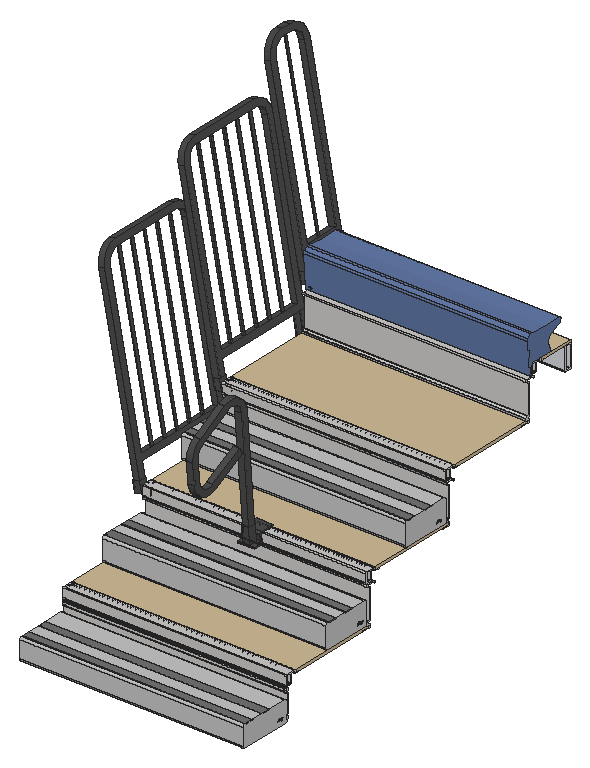
Revit family "Bleacher_Aisle-Telescopic-Hussey-MAXAM-Wall_Attached", category Specialty Equipment, Revit 2026
Family settings
  Round Connector Dimension = Use Diameter
  Part Type = Normal
  Classification Number = 23.40.50.34.14
  Work Plane-Based = No
  Enable Cutting in Views = No
  Always vertical = Yes
  Cut with Voids When Loaded = No
  Maintain Annotation Orientation = No
  Shared = No
  Room Calculation Point = No
Parameters (values of type "24" Row, 11 5/8" Rise")
  URL = "http://www.husseyseating.com/"
  Type Comments = "Bleacher Aisle Unit"  # constant formula
  Top Deck Height [instance] = if(Row Rise Constraint = 1, (Row Rise * Number of Tiers) + 0' 1", if(Row Rise Constraint = 2, (Row Rise * Number of Tiers) - 0' 1", Row Rise * Number of Tiers))  # 3' - 9 1/2"
  Tier Limitation Chart [instance] = "Contact Hussey Seating Company"  # constant formula
  Step Height = Row Rise / 2  # 0' - 5 13/16"
  Step Depth = Row Spacing / 2  # 1' - 0"
  Show in Stowed Position [instance] = not(Show in Open Position)  # no
  Show in Open Position [instance] = yes
  Show Front Aisle Step [instance] = Show in Open Position  # yes
  Show End Rails Right [instance] = no
  Show End Rails Left [instance] = yes
  Seat Type = Bleacher Seat : Courtside XC10
  Seat Color [instance] = Hussey - 301 Blue
  Row Spacing Note = "Do Not Change Row Spacing Constraint"  # constant formula
  Row Spacing Graphic Dimension [instance] = if(Show in Stowed Position, 0' 1", Row Spacing)  # 2' - 0"
  Row Spacing Constraint = 3
  Row Spacing = if(Row Spacing Constraint = 1, 1' 10", if(Row Spacing Constraint = 2, 1' 11", if(Row Spacing Constraint = 3, 2' 0", if(Row Spacing Constraint = 4, 2' 2", 0' 0"))))  # 2' - 0"
  Row Rise Note = "Do Not Change Row Rise Constraint"  # constant formula
  Row Rise Constraint = 2
  Row Rise = if(Row Rise Constraint = 1, 0' 9 5/8", if(Row Rise Constraint = 2, 0' 11 5/8", if(Row Rise Constraint = 3, 1' 4", 0' 0")))  # 0' - 11 5/8"
  Riser Material = Hussey - Galvanized Steel
  Product Page URL = "http://www.husseyseating.com/maxam-gym-bleachers/"
  Overall Unit Height [instance] = if(Row Rise Constraint = 1, (Row Rise * Number of Tiers) + 0' 7 1/2", if(Row Rise Constraint = 2, (Row Rise * Number of Tiers) + 0' 5 1/2", (Row Rise * Number of Tiers) + 0' 6 1/2"))  # 4' - 4"
  Overall Unit Depth [instance] = if(Show in Stowed Position, Closed Dimension, Open Dimension)  # 7' - 1 13/16"
  Open Dimension [instance] = if(Row Spacing Constraint = 1, Row Spacing * (Number of Tiers - 1) + 1' 3 13/16", if(Row Spacing Constraint = 2, Row Spacing * (Number of Tiers - 1) + 1' 2 13/16", if(Row Spacing Constraint = 3, Row Spacing * (Number of Tiers - 1) + 1' 1 13/16", Row Spacing * (Number of Tiers - 1) + 0' 11 13/16")))  # 7' - 1 13/16"
  Number of Tiers [instance] = 4
  Number of Operable Tiers [instance] = Number of Tiers - 1  # 3
  Number of Operable End Rails [instance] = Number of Operable Tiers - 1  # 2
  Number of Intermediate Steps [instance] = Number of Operable Tiers - 1  # 2
  Number of Handrails [instance] = (Number of Operable Tiers / 2) - 0.5  # 1
  Nose Beam Material = Hussey - Galvanized Steel
  Model = "MAXAM"
  Manufacturer Phone Number = "1.800.341.0401"  # constant formula
  Manufacturer Email Contact = "mailto:revit@husseyseating.com?Subject=Revit Inquiry"
  Manufacturer Address 1 = "38 Dyer Street Extension"  # constant formula
  Manufacturer Address  2 = "North Berwick, Maine 03906"  # constant formula
  Manufacturer = "Hussey Seating Company"  # constant formula
  Handrail Color = Hussey - Bleacher Rail Color
  Handrail Array Value [instance] = if(Number of Handrails < 2, 2, (Number of Operable Tiers / 2) - 0.5)  # 2
  Front Step Height [instance] = (Front Row Height - 0' 0 1/4") / 2  # 0' - 5 5/32"
  Front Step Depth = 1' - 1"  # constant formula
  Front Row Height [instance] = if(Row Rise = 1' 4", 1' 3 15/16", 0' 10 9/16")  # 0' - 10 9/16"
  Front Closure Material = Hussey - Galvanized Steel
  Front Closure Height [instance] = if(Show in Stowed Position, Front Row Height - 0' 4", Front Row Height - 0' 4")  # 0' - 6 9/16"
  Estimated Seat Count [instance] = 3  # constant formula
  End Rail Color = Hussey - Bleacher Rail Color
  Description = "MAXAM Telescopic Gym Bleacher Aisle - Wall Attached"
  Default Elevation = 0' - 0"
  Creator URL = "http://www.revituspro.com/"
  Created By = "Revitus"  # constant formula
  Courtside XC12 Note = "Not available for 22'' Row Spacing"  # constant formula
  Copyright Notice = " © Hussey Seating Co.  All Rights Reserved"  # constant formula
  Closed Dimension [instance] = if(Row Rise Constraint = 3, (Number of Tiers * 0' 0 1/2" + 3' 2"), (Number of Tiers * 0' 0 1/2") + 3' 3")  # 3' - 5"
  CSI MasterFormat = "12 66 00"
  Bleacher Deck Material = Hussey - Plywood - 001 Natural - Bleacher Decking
  Bank Length [instance] = 4' - 6"  # constant formula
  BIM Version = "v3.1"  # constant formula
  Assembly Code = "E1020900"
  Aisle Width Note = "Locked at 4'-6''"  # constant formula
  Aisle Step Material = Hussey - Bleacher Step
  Single Handrail [instance] = not(Multiple Handrails)  # yes
  Multiple Handrails [instance] = Number of Handrails > 1  # no
Reference planes (in)
  plane 1 "Center (Front/Back)": y = 5.09375
  plane 2: z = 0
  plane 3 "Center (Left/Right)": x = -93
  plane 4 "Left": x = -120
  plane 5 "Right": x = -66
  plane 6 "Back": y = 48
  plane 7 "Front": y = -37.8125
  plane 8: z = 10.5625
  plane 9: y = -13.8125
  plane 10: z = 22.1875
  plane 11: y = 36.125
  plane 12: y = 10.1875
  plane 13: z = 1
  plane 14 "Top Deck Height": z = 45.5
  plane 15 "End Rail Alignment - Left": through (-120, -180, 0) normal (-0.1908, 0, 0.9816)
  plane 16: z = 33.8125
  plane 17 "End Rail Alignment - Right": through (120, -180, 0) normal (-0.1908, 0, -0.9816)
  plane 18: y = -25.8125
  plane 19: y = -1.8125
  plane 20 "Second Handrail Riser": y = 34.1875
  plane 21 "Second Handrail Platform": z = 45.4375
Lines and regions (in)
  reference lines, visible <- "Show End Rails Left"
    curve 1: line (-132, 48, 0) -> (-132, -37.8125, 0)
  reference lines, visible <- "Show End Rails Right"
    curve 2: line (-54, 48, 0) -> (-54, -37.8125, 0)
Dimensions and locks (in)
  equal spacing: plane 4 "Left", plane 3 "Center (Left/Right)", plane 5 "Right"
  locked: plane 4 "Left" to plane 5 "Right" at 54
  equal spacing: plane 6 "Back", plane 1 "Center (Front/Back)", plane 7 "Front"
  "Overall Unit Depth": plane 6 "Back" to plane 7 "Front"
  "Row Spacing Graphic Dimension": plane 7 "Front" to plane 9
  locked: plane 11 to plane 6 "Back" at 11.875
  "Row Rise": plane 10 to plane 8
  "Front Row Height": plane 8 to level
  "Row Spacing Graphic Dimension": plane 9 to plane 12
  locked: plane 13 to level at 1
  equal spacing: group 1, group 2, group 3  (x3)
  "Top Deck Height": plane 14 "Top Deck Height" to level
  "Row Rise": plane 16 to plane 10
  group 4 to group 5 = 0' - 0"
  group 4 to group 5 = 2' - 0"
  group 4 to group 5 = 0' - 11 5/8"
  group 6 to group 7 = 0' - 0"
  group 6 to group 7 = 2' - 0"
  group 6 to group 7 = 0' - 11 5/8"
  locked: curve 1 to plane 4 "Left" at 12
  locked: plane 5 "Right" to curve 2 at 12
  "Step Depth": plane 7 "Front" to plane 18
  "Step Depth": plane 9 to plane 19
  group 8 to group 9 = 0' - 0"
  group 8 to group 9 = 2' - 0"
  group 8 to group 9 = 0' - 11 5/8"
  group 10 to group 11 = 0' - 0"
  group 10 to group 11 = 4' - 0"
  group 10 to group 11 = 1' - 11 1/4"
  "Row Rise": plane 21 "Second Handrail Platform" to plane 16
  "Row Spacing Graphic Dimension": plane 12 to plane 20 "Second Handrail Riser"
  aligned and locked: level to plane 2
  aligned and locked: plane 13 to nested 1
  aligned and locked: nested 1 to plane 7 "Front"
  aligned and locked: plane 4 "Left" to nested 1
  aligned and locked: nested 2 to plane 7 "Front"
  aligned and locked: plane 8 to nested 2
  aligned and locked: plane 4 "Left" to nested 2
  aligned and locked: nested 4 to plane 9
  aligned and locked: nested 4 to plane 10
  aligned and locked: plane 11 to nested 3
  aligned and locked: plane 14 "Top Deck Height" to nested 3
  aligned and locked: plane 4 "Left" to nested 3
  aligned and locked: plane 4 "Left" to nested 6
  aligned and locked: plane 11 to nested 6
  aligned and locked: nested 7 to plane 9
  aligned and locked: plane 4 "Left" to nested 7
  aligned and locked: plane 4 "Left" to nested 8
  aligned and locked: plane 11 to nested 8
  aligned and locked: nested 7 to plane 10
  aligned and locked: nested 8 to plane 14 "Top Deck Height"
  aligned and locked: nested 9 to plane 16
  aligned and locked: plane 12 to nested 9
  aligned and locked: plane 10 to nested 10
  aligned and locked: nested 10 to plane 5 "Right"
  aligned and locked: nested 10 to plane 9
  aligned and locked: nested 11 to plane 12
  aligned and locked: plane 16 to nested 11
  aligned and locked: nested 11 to plane 5 "Right"
  aligned and locked: nested 12 to plane 11
  aligned and locked: nested 12 to plane 5 "Right"
  aligned and locked: nested 6 to nested 12
  aligned and locked: plane 8 to nested 13
  aligned and locked: nested 13 to plane 18
  aligned and locked: plane 4 "Left" to nested 13
  aligned and locked: plane 4 "Left" to nested 14
  aligned and locked: level to nested 14
  aligned and locked: plane 7 "Front" to nested 14
  aligned and locked: nested 15 to plane 19
  aligned and locked: plane 10 to nested 15
  aligned and locked: plane 3 "Center (Left/Right)" to nested 16
  aligned and locked: plane 10 to nested 16
  aligned and locked: nested 16 to plane 9
  aligned and locked: plane 3 "Center (Left/Right)" to nested 18
  aligned and locked: plane 10 to nested 18
  aligned and locked: nested 18 to plane 9
  aligned and locked: plane 21 "Second Handrail Platform" to nested 17
  aligned and locked: plane 20 "Second Handrail Riser" to nested 17
Automatic sketch dimensions
  plane 7 "Front" to curve 2 = 0' - 0"
  curve 2 to plane 6 "Back" = 0' - 0"
  plane 7 "Front" to curve 1 = 0' - 0"
  curve 1 to plane 6 "Back" = 0' - 0"
Nested families (in)
  nested 1: "Bleacher-Front_Closure-Hussey" at (0, -25.8125, 1), Height <- "Front Closure Height", type "Bleacher-Front_Closure-Hussey"
    with Height 0' - 6 9/16", Bank Length 4' - 6"
  nested 2: "Bleacher_Tier-Hussey-MAXAM" at (0, -25.8125, 10.5625), type "Typical Operable Tier"
    with Bank Length 4' - 6"
  nested 3: "Bleacher_Tier-Hussey-MAXAM" at (0, 48.125, 45.5), type "Fixed Wall Tier"
    with Bank Length 4' - 6", Show Wall Plate yes, Show Riser no, Depth 0' - 11 1/8"
  nested 4: "Bleacher_Tier-Hussey-MAXAM" at (0, -1.8125, 22.1875), type "Typical Operable Tier"
    with Bank Length 4' - 6"
  nested 5: "Bleacher_Tier-Hussey-MAXAM" at (0, 22.1875, 33.8125), type "Typical Operable Tier"
    with Bank Length 4' - 6"
  nested 6: "Bleacher Seat" at (0, 48.125, 45.5), type <- "Seat Type", built-in parameter 1001364 <- "Top Deck Height", type "Courtside XC10"
    with Bank Length 4' - 6"
  nested 7: "Bleacher-End_Rail-Hussey-Self_Storing" at (-2.32744, -1.8125, 43.31432) x (0.9816, 0, 0.1908) z (-0.1908, 0, 0.9816), Depth <- "Row Spacing", visible <- "Show End Rails Left", type "Left End Rail"
    with Single Baluster no, Number of Balusters 5, Multiple Balusters yes, Depth 2' - 0", Baluster Spacing 0' - 4"
  nested 8: "Bleacher-End_Rail-Hussey-Self_Storing" at (-2.32744, 48.125, 66.62682) x (0.9816, 0, 0.1908) z (-0.1908, 0, 0.9816), visible <- "Show End Rails Left", type "Left End Rail"
    with Single Baluster yes, Number of Balusters 2, Multiple Balusters no, Depth 0' - 9 1/4", Baluster Spacing 0' - 4 3/8"
  nested 9: "Bleacher-End_Rail-Hussey-Self_Storing" at (-2.32744, 22.1875, 54.93932) x (0.9816, 0, 0.1908) z (-0.1908, 0, 0.9816), Depth <- "Row Spacing", visible <- "Show End Rails Left", type "Left End Rail"
    with Single Baluster no, Number of Balusters 5, Multiple Balusters yes, Depth 2' - 0", Baluster Spacing 0' - 4"
  nested 10: "Bleacher-End_Rail-Hussey-Self_Storing" at (53.39041, -1.8125, -2.76605) x (0.9816, 0, -0.1908) z (0.1908, 0, 0.9816), visible <- "Show End Rails Right", Depth <- "Row Spacing", type "Right End Rail"
    with Single Baluster no, Number of Balusters 5, Multiple Balusters yes, Depth 2' - 0", Baluster Spacing 0' - 4", Right End Rail yes, Left End Rail no
  nested 11: "Bleacher-End_Rail-Hussey-Self_Storing" at (53.39041, 22.1875, 8.85895) x (0.9816, 0, -0.1908) z (0.1908, 0, 0.9816), visible <- "Show End Rails Right", Depth <- "Row Spacing", type "Right End Rail"
    with Single Baluster no, Number of Balusters 5, Multiple Balusters yes, Depth 2' - 0", Baluster Spacing 0' - 4", Right End Rail yes, Left End Rail no
  nested 12: "Bleacher-End_Rail-Hussey-Self_Storing" at (53.39041, 48.125, 20.54645) x (0.9816, 0, -0.1908) z (0.1908, 0, 0.9816), visible <- "Show End Rails Right", type "Right End Rail"
    with Single Baluster yes, Number of Balusters 2, Multiple Balusters no, Depth 0' - 9 1/4", Baluster Spacing 0' - 4 3/8", Right End Rail yes, Left End Rail no
  nested 13: "Bleacher_Aisle_Step-Hussey-MAXAM" at (0, -13.8125, 10.5625), Step Depth <- "Step Depth", Step Height <- "Step Height", type "Typical Aisle Step"
    with Step Height 0' - 5 13/16", Step Depth 1' - 0", Show Front Aisle Step Feet no
  nested 14: "Bleacher_Aisle_Step-Hussey-MAXAM" at (0, -38.8125, 0.25), Step Depth <- "Front Step Depth", Step Height <- "Front Step Height", visible <- "Show Front Aisle Step", type "Typical Aisle Step"
    with Step Height 0' - 5 5/32", Step Depth 1' - 1", Show Front Aisle Step Feet yes
  nested 15: "Bleacher_Aisle_Step-Hussey-MAXAM" at (0, 10.1875, 22.1875), Step Depth <- "Step Depth", Step Height <- "Step Height", type "Typical Aisle Step"
    with Step Height 0' - 5 13/16", Step Depth 1' - 0", Show Front Aisle Step Feet no
  nested 16: "Bleacher-Aisle_Handrail-Hussey" at (27, -1.8125, 22.1875), Show in Open Position <- "Show in Open Position", visible <- "Multiple Handrails", type "MAXAM"
    with Show in Stowed Position no, Show in Open Position yes
  nested 17: "Bleacher-Aisle_Handrail-Hussey" at (27, 46.1875, 45.4375), Show in Open Position <- "Show in Open Position", visible <- "Multiple Handrails", type "MAXAM"
    with Show in Stowed Position no, Show in Open Position yes
  nested 18: "Bleacher-Aisle_Handrail-Hussey" at (27, -1.8125, 22.1875), visible <- "Single Handrail", Show in Open Position <- "Show in Open Position", type "MAXAM"
    with Show in Stowed Position no, Show in Open Position yes
Definition of nested family "Bleacher-Front_Closure-Hussey"
  Parameters
    URL = "http://www.husseyseating.com/"
    Model = ""
    Manufacturer = "Hussey Seating Company"  # constant formula
    Height [instance] = 0' - 6 5/8"
    Front Closure Material = none
    Description = "Front Closure Extrusion Under First Tier"
    Default Elevation = 0' - 0"
    Created By = "Revitus"  # constant formula
    Creator URL = "http://www.revituspro.com/"
    Bank Length [instance] = 20' - 0"
    Assembly Code = ""
  Reference planes (in)
    plane 1: z = 0
    plane 2 "Center (Left/Right)": x = 0
    plane 3 "Left": x = -120
    plane 4 "Right": x = 120
    plane 5 "Front": y = -12
    plane 6: z = 6.625
    plane 7: z = 6.53125
    plane 8: y = -11.90625
    plane 9: y = -11.59415
    plane 10: y = -11.5004
    plane 11: z = 6.125
    plane 12: z = 0.5
    plane 13: z = 0.09375
  Forms (in)
    Extrusion 1, solid, material <- "Front Closure Material"
      sketch origin (0, -12.09375, 9.751) x (0, 1, 0) y (0, 0, 1)
        loop
          arc (0.09375, -3.8615) -> (0.1114, -3.93365) -> (0.16038, -3.98949) r 0.15625
          line (0.16038, -3.98949) -> (0.47295, -4.20836)
          arc (0.47295, -4.20836) -> (0.49254, -4.23069) -> (0.4996, -4.25955) r 0.0625
          line (0.4996, -4.25955) -> (0.4996, -8.61745)
          arc (0.4996, -8.61745) -> (0.49254, -8.64631) -> (0.47295, -8.66864) r 0.0625
          line (0.47295, -8.66864) -> (0.16038, -8.88751)
          arc (0.16038, -8.88751) -> (0.1114, -8.94335) -> (0.09375, -9.0155) r 0.15625
          line (0.09375, -9.0155) -> (0.09375, -9.59475)
          arc (0.09375, -9.59475) -> (0.13951, -9.70524) -> (0.25, -9.751) r 0.15625
          line (0.25, -9.751) -> (0.4371, -9.751)
          arc (0.4371, -9.751) -> (0.54759, -9.70524) -> (0.59335, -9.59475) r 0.15625
          line (0.59335, -9.59475) -> (0.59335, -9.251) -> (0.4996, -9.251) -> (0.4996, -9.59475)
          arc (0.4996, -9.59475) -> (0.48129, -9.63894) -> (0.4371, -9.65725) r 0.0625
          line (0.4371, -9.65725) -> (0.25, -9.65725)
          arc (0.25, -9.65725) -> (0.20581, -9.63894) -> (0.1875, -9.59475) r 0.0625
          line (0.1875, -9.59475) -> (0.1875, -9.0155)
          arc (0.1875, -9.0155) -> (0.19456, -8.98664) -> (0.21415, -8.9643) r 0.0625
          line (0.21415, -8.9643) -> (0.52672, -8.74544)
          arc (0.52672, -8.74544) -> (0.5757, -8.68959) -> (0.59335, -8.61745) r 0.15625
          line (0.59335, -8.61745) -> (0.59335, -4.25955)
          arc (0.59335, -4.25955) -> (0.5757, -4.18741) -> (0.52672, -4.13156) r 0.15625
          line (0.52672, -4.13156) -> (0.21415, -3.9127)
          arc (0.21415, -3.9127) -> (0.19456, -3.89036) -> (0.1875, -3.8615) r 0.0625
          line (0.1875, -3.8615) -> (0.1875, -3.28225)
          arc (0.1875, -3.28225) -> (0.20581, -3.23806) -> (0.25, -3.21975) r 0.0625
          line (0.25, -3.21975) -> (0.4371, -3.21975)
          arc (0.4371, -3.21975) -> (0.48129, -3.23806) -> (0.4996, -3.28225) r 0.0625
          line (0.4996, -3.28225) -> (0.4996, -3.626) -> (0.59335, -3.626) -> (0.59335, -3.28225)
          arc (0.59335, -3.28225) -> (0.54759, -3.17176) -> (0.4371, -3.126) r 0.15625
          line (0.4371, -3.126) -> (0.25, -3.126)
          arc (0.25, -3.126) -> (0.13951, -3.17176) -> (0.09375, -3.28225) r 0.15625
          line (0.09375, -3.28225) -> (0.09375, -3.8615)
      from -120 to 120
  Dimensions and locks (in)
    "Bank Length": plane 3 "Left" to plane 4 "Right"
    equal spacing: plane 3 "Left", plane 2 "Center (Left/Right)", plane 4 "Right"
    "Height": plane 6 to level
    plane 5 "Front" to plane 8 to plane 9 to plane 10 = 0' - 0 3/32" locked, 0' - 0.3121" locked, 0' - 0 3/32" locked
    plane 6 to plane 7 to plane 11 = 0' - 0 3/32" locked, 0' - 0 13/32" locked
    plane 12 to plane 13 to level = 0' - 0 13/32" locked, 0' - 0 3/32" locked
    aligned and locked: plane 1 to level
    aligned and locked: Extrusion 1 to plane 3 "Left"
    aligned and locked: Extrusion 1 to plane 4 "Right"
    aligned and locked: plane 6 to Extrusion 1
  Automatic sketch dimensions
    Extrusion 1 sketch curve to Extrusion 1 sketch curve = 0' - 0"  (x16)
    Extrusion 1 sketch curve to plane 5 "Front" = 0' - 0"  (x2)
    Extrusion 1 sketch curve to plane 8 = 0' - 0"  (x2)
    Extrusion 1 sketch curve to level = 0' - 0"
    Extrusion 1 sketch curve to plane 6 = 0' - 0"
    Extrusion 1 sketch curve to plane 9 = 0' - 0"  (x3)
    Extrusion 1 sketch curve to plane 10 = 0' - 0"
    Extrusion 1 sketch curve to plane 12 = 0' - 0"
    Extrusion 1 sketch curve to plane 11 = 0' - 0"
    plane 8 to Extrusion 1 sketch curve = 0' - 0.02712"  (x2)
    Extrusion 1 sketch curve to plane 8 = 0' - 0.02665"  (x2)
    Extrusion 1 sketch curve to Extrusion 1 sketch curve = 0' - 0 1/16"  (x3)
    Extrusion 1 sketch curve to plane 8 = 0' - 0 1/16"  (x2)
    plane 9 to Extrusion 1 sketch curve = 0' - 0 1/16"  (x3)
    plane 9 to Extrusion 1 sketch curve = 0' - 0.02665"  (x2)
    Extrusion 1 sketch curve to plane 9 = 0' - 0.02712"  (x2)
    plane 12 to Extrusion 1 sketch curve = 0' - 0.2355"
    Extrusion 1 sketch curve to Extrusion 1 sketch curve = 0' - 0.21886"
    Extrusion 1 sketch curve to plane 11 = 0' - 0.63355"
    Extrusion 1 sketch curve to plane 11 = 0' - 0.36349"
Definition of nested family "Bleacher_Tier-Hussey-MAXAM"
  Parameters
    URL = "http://www.husseyseating.com/"
    Show Wall Plate = not(Show Riser)  # no
    Show Riser = yes
    Row Spacing = 2' - 0"
    Row Rise = 0' - 11 5/8"
    Riser Material = none
    Nose Beam Material = none
    Manufacturer = "Hussey Seating Company"  # constant formula
    Depth = if(Show Wall Plate, 0' 11 1/8", Row Spacing)  # 2' - 0"
    Default Elevation = 0' - 0"
    Decking Material = none
    Created By = "Revitus"  # constant formula
    Creator URL = "http://www.revituspro.com/"
    Bank Length [instance] = 20' - 0"
    Assembly Code = ""
  Reference planes (in)
    plane 1 "Center (Front/Back)": y = 0
    plane 2: z = 0
    plane 3 "Center (Left/Right)": x = 0
    plane 4 "Left": x = -120
    plane 5 "Right": x = 120
    plane 6 "Front": y = -12
    plane 7 "Row Spacing Back": y = 12
    plane 8: z = 11.625
    plane 9: z = -0.625
    plane 10: y = -9.25
    plane 11 "Face of Wall": y = 12.75
    plane 12: y = 13.03125
    plane 13: y = 13.125
    plane 14: z = -2.4375
    plane 15: y = -8.25
    plane 16: z = -0.09375
    plane 17: z = -0.1875
    plane 18: y = -10.5625
    plane 19: y = -10.65625
    plane 20: y = -11.90625
    plane 21: y = -9.34375
    plane 22: z = -0.71875
    plane 23: z = -2.34375
    plane 24: y = -9.4375
    plane 25: z = 8.75
    plane 26: z = 8.65625
    plane 27: z = 0.09375
    plane 28: y = 14.53125
    plane 29: y = 14.625
    plane 30: z = 8.25
    plane 31: y = 11.125
    plane 32 "Wall Plate - Front": y = 11
    plane 33: y = 12.625
    plane 34: z = -0.75
    plane 35: z = -6.125
    plane 36: z = -6.25
  Forms (in)
    Extrusion 1, solid, material <- "Decking Material"
      sketch origin (0, 0, 0) x (0, 1, 0) y (0, 0, 1)
        loop
          line (-9.25, 0) -> (-9.25, -0.625) -> (12.75, -0.625) -> (12.75, 0) -> (-9.25, 0)
      from -120 to 120
    Extrusion 2, solid, material <- "Nose Beam Material"
      sketch origin (0, 0, 0) x (0, 1, 0) y (0, 0, 1)
        loop
          arc (-11.8125, 0) -> (-11.94508, -0.05492) -> (-12, -0.1875) r 0.1875
          line (-12, -0.1875) -> (-12, -2.25)
          arc (-12, -2.25) -> (-11.94508, -2.38258) -> (-11.8125, -2.4375) r 0.1875
          line (-11.8125, -2.4375) -> (-10.75, -2.4375)
          arc (-10.75, -2.4375) -> (-10.61742, -2.38258) -> (-10.5625, -2.25) r 0.1875
          line (-10.5625, -2.25) -> (-10.5625, -0.28125)
          arc (-10.5625, -0.28125) -> (-10.53504, -0.21496) -> (-10.46875, -0.1875) r 0.09375
          line (-10.46875, -0.1875) -> (-9.4375, -0.1875) -> (-9.4375, -0.09375)
          arc (-9.4375, -0.09375) -> (-9.37121, -0.12121) -> (-9.34375, -0.1875) r 0.09375
          line (-9.34375, -0.1875) -> (-9.34375, -0.53125)
          arc (-9.34375, -0.53125) -> (-9.28883, -0.66383) -> (-9.15625, -0.71875) r 0.1875
          line (-9.15625, -0.71875) -> (-8.25, -0.71875) -> (-8.25, -0.625) -> (-9.15625, -0.625)
          arc (-9.15625, -0.625) -> (-9.22254, -0.59754) -> (-9.25, -0.53125) r 0.09375
          line (-9.25, -0.53125) -> (-9.25, -0.1875)
          arc (-9.25, -0.1875) -> (-9.30492, -0.05492) -> (-9.4375, 0) r 0.1875
          line (-9.4375, 0) -> (-11.8125, 0)
        loop
          arc (-11.8125, -0.09375) -> (-11.87879, -0.12121) -> (-11.90625, -0.1875) r 0.09375
          line (-11.90625, -0.1875) -> (-11.90625, -2.25)
          arc (-11.90625, -2.25) -> (-11.87879, -2.31629) -> (-11.8125, -2.34375) r 0.09375
          line (-11.8125, -2.34375) -> (-10.75, -2.34375)
          arc (-10.75, -2.34375) -> (-10.68371, -2.31629) -> (-10.65625, -2.25) r 0.09375
          line (-10.65625, -2.25) -> (-10.65625, -0.28125)
          arc (-10.65625, -0.28125) -> (-10.60133, -0.14867) -> (-10.46875, -0.09375) r 0.1875
          line (-10.46875, -0.09375) -> (-11.8125, -0.09375)
      from -120 to 120
    Extrusion 3, solid, material <- "Riser Material", visible <- "Show Riser"
      sketch origin (0, 0, 0) x (0, 1, 0) y (0, 0, 1)
        loop
          arc (12.43197, 8.75) -> (12.25086, 8.61103) -> (12.33822, 8.40012) r 0.1875
          line (12.33822, 8.40012) -> (12.98437, 8.02706)
          arc (12.98437, 8.02706) -> (13.01869, 7.99275) -> (13.03125, 7.94587) r 0.09375
          line (13.03125, 7.94587) -> (13.03125, 0.80413)
          arc (13.03125, 0.80413) -> (13.01869, 0.75725) -> (12.98437, 0.72294) r 0.09375
          line (12.98437, 0.72294) -> (12.33822, 0.34988)
          arc (12.33822, 0.34988) -> (12.25086, 0.13897) -> (12.43197, 0) r 0.1875
          line (12.43197, 0) -> (12.9375, 0)
          arc (12.9375, 0) -> (13.00379, -0.02746) -> (13.03125, -0.09375) r 0.09375
          line (13.03125, -0.09375) -> (13.03125, -0.53125)
          arc (13.03125, -0.53125) -> (13.00379, -0.59754) -> (12.9375, -0.625) r 0.09375
          line (12.9375, -0.625) -> (11.125, -0.625) -> (11.125, -0.71875) -> (12.9375, -0.71875)
          arc (12.9375, -0.71875) -> (13.07008, -0.66383) -> (13.125, -0.53125) r 0.1875
          line (13.125, -0.53125) -> (13.125, -0.09375)
          arc (13.125, -0.09375) -> (13.07008, 0.03883) -> (12.9375, 0.09375) r 0.1875
          line (12.9375, 0.09375) -> (12.43197, 0.09375)
          arc (12.43197, 0.09375) -> (12.34142, 0.16324) -> (12.3851, 0.26869) r 0.09375
          line (12.3851, 0.26869) -> (13.03125, 0.64175)
          arc (13.03125, 0.64175) -> (13.09988, 0.71038) -> (13.125, 0.80413) r 0.1875
          line (13.125, 0.80413) -> (13.125, 7.94587)
          arc (13.125, 7.94587) -> (13.09988, 8.03962) -> (13.03125, 8.10825) r 0.1875
          line (13.03125, 8.10825) -> (12.3851, 8.48131)
          arc (12.3851, 8.48131) -> (12.34142, 8.58676) -> (12.43197, 8.65625) r 0.09375
          line (12.43197, 8.65625) -> (14.4375, 8.65625)
          arc (14.4375, 8.65625) -> (14.50379, 8.62879) -> (14.53125, 8.5625) r 0.09375
          line (14.53125, 8.5625) -> (14.53125, 8.25) -> (14.625, 8.25) -> (14.625, 8.5625)
          arc (14.625, 8.5625) -> (14.57008, 8.69508) -> (14.4375, 8.75) r 0.1875
          line (14.4375, 8.75) -> (12.43197, 8.75)
      from -120 to 120
    Extrusion 4, solid, visible <- "Show Wall Plate"
      sketch origin (0, 0, 0) x (0, 1, 0) y (0, 0, 1)
        loop
          arc (11, -6) -> (11.07322, -6.17678) -> (11.25, -6.25) r 0.25
          line (11.25, -6.25) -> (12.5, -6.25)
          arc (12.5, -6.25) -> (12.67678, -6.17678) -> (12.75, -6) r 0.25
          line (12.75, -6) -> (12.75, -0.875)
          arc (12.75, -0.875) -> (12.67678, -0.69822) -> (12.5, -0.625) r 0.25
          line (12.5, -0.625) -> (11.25, -0.625)
          arc (11.25, -0.625) -> (11.07322, -0.69822) -> (11, -0.875) r 0.25
          line (11, -0.875) -> (11, -6)
        loop
          arc (11.125, -6) -> (11.16161, -6.08839) -> (11.25, -6.125) r 0.125
          line (11.25, -6.125) -> (12.5, -6.125)
          arc (12.5, -6.125) -> (12.58839, -6.08839) -> (12.625, -6) r 0.125
          line (12.625, -6) -> (12.625, -0.875)
          arc (12.625, -0.875) -> (12.58839, -0.78661) -> (12.5, -0.75) r 0.125
          line (12.5, -0.75) -> (11.25, -0.75)
          arc (11.25, -0.75) -> (11.16161, -0.78661) -> (11.125, -0.875) r 0.125
          line (11.125, -0.875) -> (11.125, -6)
      from -120 to 120
  Dimensions and locks (in)
    "Bank Length": plane 4 "Left" to plane 5 "Right"
    equal spacing: plane 4 "Left", plane 3 "Center (Left/Right)", plane 5 "Right"
    equal spacing: plane 6 "Front", plane 1 "Center (Front/Back)", plane 7 "Row Spacing Back"
    "Depth": plane 7 "Row Spacing Back" to plane 6 "Front"
    "Row Rise": plane 8 to level
    plane 6 "Front" to plane 10 to plane 15 = 0' - 2 3/4" locked, 0' - 1" locked
    plane 7 "Row Spacing Back" to plane 11 "Face of Wall" to plane 12 to plane 13 = 0' - 0 3/4" locked, 0' - 0 9/32" locked, 0' - 0 3/32" locked
    level to plane 9 to plane 14 = 0' - 0 5/8" locked, 0' - 1 13/16" locked
    level to plane 16 to plane 17 = 0' - 0 3/32" locked, 0' - 0 3/32" locked
    plane 6 "Front" to plane 20 to plane 19 to plane 18 = 0' - 0 3/32" locked, 0' - 1 1/4" locked, 0' - 0 3/32" locked
    plane 24 to plane 21 to plane 10 = 0' - 0 3/32" locked, 0' - 0 3/32" locked
    locked: plane 9 to plane 22 at 0.09375
    locked: plane 23 to plane 14 at 0.09375
    plane 8 to plane 25 to plane 26 = 0' - 2 7/8" locked, 0' - 0 3/32" locked
    locked: plane 27 to level at 0.09375
    plane 12 to plane 28 to plane 29 = 0' - 1 1/2" locked, 0' - 0 3/32" locked
    locked: plane 25 to plane 30 at 0.5
    plane 9 to plane 34 to plane 35 to plane 36 = 0' - 0 1/8" locked, 0' - 5 3/8" locked, 0' - 0 1/8" locked
    plane 32 "Wall Plate - Front" to plane 31 to plane 33 to plane 11 "Face of Wall" = 0' - 0 1/8" locked, 0' - 1 1/2" locked, 0' - 0 1/8" locked
    aligned and locked: plane 2 to level
    aligned and locked: Extrusion 1 sketch curve to level
    aligned and locked: Extrusion 1 sketch curve to plane 10
    aligned and locked: Extrusion 1 sketch curve to plane 9
    aligned and locked: Extrusion 1 sketch curve to plane 11 "Face of Wall"
    aligned and locked: Extrusion 1 to plane 4 "Left"
    aligned and locked: Extrusion 1 to plane 5 "Right"
    aligned and locked: Extrusion 2 sketch curve to level
    aligned and locked: Extrusion 2 sketch curve to plane 16
    aligned and locked: Extrusion 2 sketch curve to plane 17
    aligned and locked: Extrusion 2 sketch curve to plane 6 "Front"
    aligned and locked: plane 20 to Extrusion 2 sketch curve
    aligned and locked: plane 19 to Extrusion 2 sketch curve
    aligned and locked: plane 18 to Extrusion 2 sketch curve
    aligned and locked: plane 21 to Extrusion 2 sketch curve
    aligned and locked: Extrusion 2 sketch curve to plane 10
    aligned and locked: Extrusion 2 sketch curve to plane 15
    aligned and locked: Extrusion 2 sketch curve to plane 23
    aligned and locked: Extrusion 2 sketch curve to plane 14
    aligned and locked: Extrusion 2 sketch curve to plane 9
    aligned and locked: Extrusion 2 sketch curve to plane 22
    aligned and locked: plane 24 to Extrusion 2 sketch curve
    aligned and locked: Extrusion 2 to plane 4 "Left"
    aligned and locked: Extrusion 2 to plane 5 "Right"
    aligned and locked: Extrusion 3 sketch curve to plane 25
    aligned and locked: Extrusion 3 sketch curve to plane 26
    aligned and locked: Extrusion 3 sketch curve to plane 13
    aligned and locked: Extrusion 3 sketch curve to plane 12
    aligned and locked: Extrusion 3 sketch curve to plane 29
    aligned and locked: Extrusion 3 sketch curve to plane 28
    aligned and locked: plane 22 to Extrusion 3 sketch curve
    aligned and locked: Extrusion 3 sketch curve to plane 9
    aligned and locked: Extrusion 3 sketch curve to level
    aligned and locked: Extrusion 3 sketch curve to plane 27
    aligned and locked: Extrusion 3 sketch curve to plane 30
    aligned and locked: plane 31 to Extrusion 3 sketch curve
    aligned and locked: Extrusion 3 to plane 4 "Left"
    aligned and locked: Extrusion 3 to plane 5 "Right"
    aligned and locked: Extrusion 4 sketch curve to plane 32 "Wall Plate - Front"
    aligned and locked: Extrusion 4 sketch curve to plane 31
    aligned and locked: Extrusion 4 sketch curve to plane 36
    aligned and locked: Extrusion 4 sketch curve to plane 35
    aligned and locked: Extrusion 4 sketch curve to plane 33
    aligned and locked: Extrusion 4 sketch curve to plane 11 "Face of Wall"
    aligned and locked: Extrusion 4 sketch curve to plane 34
    aligned and locked: Extrusion 4 sketch curve to plane 9
    aligned and locked: Extrusion 4 to plane 4 "Left"
    aligned and locked: Extrusion 4 to plane 5 "Right"
  Automatic sketch dimensions
    Extrusion 2 sketch curve to Extrusion 2 sketch curve = 0' - 0"  (x8)
    Extrusion 2 sketch curve to plane 17 = 0' - 0"
    Extrusion 2 sketch curve to plane 16 = 0' - 0"
    plane 20 to Extrusion 2 sketch curve = 0' - 0 3/32"
    Extrusion 2 sketch curve to Extrusion 2 sketch curve = 0' - 0 3/32"
    Extrusion 2 sketch curve to plane 17 = 0' - 0 3/32"
    Extrusion 2 sketch curve to plane 10 = 0' - 0 3/32"
    Extrusion 3 sketch curve to Extrusion 3 sketch curve = 0' - 0"  (x11)
    Extrusion 3 sketch curve to plane 12 = 0' - 0"  (x3)
    Extrusion 3 sketch curve to plane 13 = 0' - 0"
    plane 16 to Extrusion 3 sketch curve = 0' - 0"
    plane 12 to Extrusion 3 sketch curve = 0' - 0 3/32"  (x3)
    plane 11 "Face of Wall" to Extrusion 3 sketch curve = 0' - 0.31803"  (x2)
    Extrusion 3 sketch curve to Extrusion 3 sketch curve = 0' - 0 3/64"  (x4)
    plane 12 to Extrusion 3 sketch curve = 0' - 0 3/64"  (x2)
    Extrusion 3 sketch curve to Extrusion 3 sketch curve = 0' - 0 3/32"
    plane 27 to Extrusion 3 sketch curve = 0' - 0 3/32"
    plane 27 to Extrusion 3 sketch curve = 0' - 0.548"
    Extrusion 3 sketch curve to plane 26 = 0' - 0.71038"
    Extrusion 3 sketch curve to plane 26 = 0' - 0.25613"
    Extrusion 4 sketch curve to Extrusion 4 sketch curve = 0' - 0"  (x4)
    Extrusion 4 sketch curve to plane 31 = 0' - 0 1/8"  (x2)
    plane 33 to Extrusion 4 sketch curve = 0' - 0 1/8"  (x2)
Definition of nested family "Bleacher Seat"
  Parameters
    URL = "http://www.husseyseating.com/"
    Show XC12 = no
    Show XC10 = yes
    Show Classic Wood Seat = no
    Seat Color = none
    Model = "CourtSide XC10"
    Manufacturer = "Hussey Seating Company"  # constant formula
    Default Elevation = 0' - 0"
    Created By = "Revitus"  # constant formula
    Creator URL = "http://www.revituspro.com/"
    Bank Length [instance] = 20' - 0"
    Assembly Code = ""
  Reference planes (in)
    plane 1: z = 0
    plane 2 "Center (Left/Right)": x = 0
    plane 3 "Left": x = -120
    plane 4 "Right": x = 120
    plane 5 "Front": y = -12
    plane 6 "Host Level Offset Bottom": z = -8
    plane 7 "Host Level Offset Top": z = 8
  Forms (in)
    Extrusion 1, solid, material <- "Seat Color", visible <- "Show XC10"
      sketch origin (0, 0, 0) x (0, 1, 0) y (0, 0, 1)
        loop
          line (-11.8125, 0) -> (-6.27222, 0) -> (-6.97372, 2.36822)
          arc (-6.97372, 2.36822) -> (-6.9994, 2.46728) -> (-7.01998, 2.56753) r 2
          arc (-7.01998, 2.56753) -> (-6.96581, 3.00687) -> (-6.67332, 3.33914) r 0.75
          line (-6.67332, 3.33914) -> (-4.24513, 4.82586)
          arc (-4.24513, 4.82586) -> (-3.94252, 4.96751) -> (-3.61606, 5.03866) r 1.5
          arc (-3.61606, 5.03866) -> (-3.47664, 5.05337) -> (-3.33728, 5.06869) r 32.21588
          arc (-3.33728, 5.06869) -> (-3.31572, 5.08178) -> (-3.31176, 5.10668) r 0.03
          line (-3.31176, 5.10668) -> (-3.46714, 5.64853)
          arc (-3.46714, 5.64853) -> (-3.46045, 5.70866) -> (-3.41358, 5.74692) r 0.08
          arc (-3.41358, 5.74692) -> (-3.28838, 5.81194) -> (-3.23332, 5.94182) r 0.2083
          line (-3.23332, 5.94182) -> (-3.23332, 6.00281)
          arc (-3.23332, 6.00281) -> (-3.33303, 6.22615) -> (-3.56588, 6.30102) r 0.29999
          arc (-3.56588, 6.30102) -> (-7.6105, 6.12553) -> (-11.64345, 6.47919) r 30.96588
          arc (-11.64345, 6.47919) -> (-11.88356, 6.484) -> (-12.11945, 6.43895) r 1.1526
          arc (-12.11945, 6.43895) -> (-12.59256, 6.21492) -> (-12.97892, 5.86171) r 1.76109
          arc (-12.97892, 5.86171) -> (-13.19235, 5.56913) -> (-13.23339, 5.20932) r 0.7088
          arc (-13.23339, 5.20932) -> (-13.02864, 1.37672) -> (-12.60147, -2.4375) r 66
          line (-12.60147, -2.4375) -> (-12, -2.4375) -> (-12, -0.1875)
          arc (-12, -0.1875) -> (-11.94508, -0.05492) -> (-11.8125, 0) r 0.1875
      from -120 to 120
    Extrusion 2, solid, material <- "Seat Color", visible <- "Show Classic Wood Seat"
      sketch origin (0, 0, 0) x (0, 1, 0) y (0, 0, 1)
        loop
          line (-12, 5.4375) -> (-12.75, 5.4375) -> (-12.75, -2.22535)
          arc (-12.75, -2.22535) -> (-12.375, -2.4375) -> (-12, -2.22535) r 0.4375
          line (-12, -2.22535) -> (-12, 5.4375)
        loop
          line (-4.18696, 6.02394) -> (-12.75906, 6.27231)
          arc (-12.75906, 6.27231) -> (-12.98199, 5.90361) -> (-12.78078, 5.52262) r 0.4375
          line (-12.78078, 5.52262) -> (-4.20869, 5.27426)
          arc (-4.20869, 5.27426) -> (-3.98576, 5.64296) -> (-4.18696, 6.02394) r 0.4375
      from -120 to 120
    Extrusion 3, solid, material <- "Seat Color", visible <- "Show XC12"
      sketch origin (0, 0, 0) x (0, 1, 0) y (0, 0, 1)
        loop
          line (-11.8125, 0) -> (-4.66697, 0) -> (-5.65002, 3.11784) -> (-1.62017, 5.26175)
          arc (-1.62017, 5.26175) -> (-1.56901, 5.25756) -> (-1.51779, 5.26091) r 0.35
          arc (-1.51779, 5.26091) -> (-1.38738, 5.32486) -> (-1.33463, 5.4602) r 0.2
          line (-1.33463, 5.4602) -> (-1.33463, 5.72823)
          arc (-1.33463, 5.72823) -> (-1.45521, 6.05387) -> (-1.75878, 6.22245) r 0.5
          line (-1.75878, 6.22245) -> (-3.66896, 6.46462) -> (-5.71322, 6.46637)
          arc (-5.71322, 6.46637) -> (-8.17496, 6.47218) -> (-10.63266, 6.61324) r 44.78937
          arc (-10.63266, 6.61324) -> (-11.73081, 6.45288) -> (-12.59544, 5.75714) r 2.10864
          line (-12.59544, 5.75714) -> (-13.21576, 4.92083)
          arc (-13.21576, 4.92083) -> (-13.3805, 4.53599) -> (-13.43565, 4.12101) r 1.54192
          arc (-13.43565, 4.12101) -> (-13.30757, 0.72964) -> (-12.72588, -2.61393) r 25.25144
          line (-12.72588, -2.61393) -> (-12, -2.61395) -> (-12, -0.1875)
          arc (-12, -0.1875) -> (-11.94508, -0.05492) -> (-11.8125, 0) r 0.1875
      from -120 to 120
    Extrusion 4, solid, visible <- "Show Classic Wood Seat"
      sketch origin (0, 0, 0) x (0, 1, 0) y (0, 0, 1)
        loop
          line (-11.63037, 0) -> (-7, 0) -> (-7, 0.1196) -> (-7.86588, 0.1196) -> (-11.6304, 0.1196)
          arc (-11.6304, 0.1196) -> (-11.80718, 0.19282) -> (-11.8804, 0.3696) r 0.25
          line (-11.8804, 0.3696) -> (-11.8804, 0.5) -> (-11.8804, 4.25) -> (-11.8804, 4.375) -> (-11.8804, 5.11954)
          arc (-11.8804, 5.11954) -> (-11.8046, 5.29885) -> (-11.62316, 5.36943) r 0.25
          line (-11.62316, 5.36943) -> (-6.24255, 5.21354) -> (-4.38166, 5.15962) -> (-4.25671, 5.156) -> (-4.25325, 5.27555) -> (-11.6197, 5.48898)
          arc (-11.6197, 5.48898) -> (-11.88793, 5.38464) -> (-12, 5.11954) r 0.3696
          line (-12, 5.11954) -> (-12, 0.375)
          arc (-12, 0.375) -> (-11.89364, 0.11017) -> (-11.63037, 0) r 0.36967
      from -120 to 120
  Dimensions and locks (in)
    "Bank Length": plane 3 "Left" to plane 4 "Right"
    equal spacing: plane 3 "Left", plane 2 "Center (Left/Right)", plane 4 "Right"
    aligned and locked: plane 1 to level
    aligned and locked: Extrusion 1 sketch curve to level
    aligned and locked: Extrusion 1 sketch curve to plane 5 "Front"
    aligned and locked: Extrusion 1 to plane 3 "Left"
    aligned and locked: Extrusion 1 to plane 4 "Right"
    aligned and locked: Extrusion 2 to plane 3 "Left"
    aligned and locked: Extrusion 2 to plane 4 "Right"
    aligned and locked: Extrusion 3 to plane 3 "Left"
    aligned and locked: Extrusion 3 to plane 4 "Right"
    aligned and locked: Extrusion 4 to plane 4 "Right"
    aligned and locked: Extrusion 4 to plane 3 "Left"
  Automatic sketch dimensions
    Extrusion 1 sketch curve to Extrusion 1 sketch curve = 0' - 0"  (x7)
    Extrusion 1 sketch curve to plane 5 "Front" = 0' - 0.11945"
    Extrusion 1 sketch curve to plane 5 "Front" = 0' - 0.532"
    Extrusion 1 sketch curve to Extrusion 1 sketch curve = 0' - 0.60147"
    Extrusion 1 sketch curve to Extrusion 1 sketch curve = 0' - 0.44692"
    Extrusion 1 sketch curve to Extrusion 1 sketch curve = 0' - 0.25447"
    plane 5 "Front" to Extrusion 1 sketch curve = 0' - 0 3/16"
    plane 5 "Front" to Extrusion 1 sketch curve = 0' - 0.21354"
    plane 5 "Front" to Extrusion 1 sketch curve = 0' - 0.35655"
    plane 5 "Front" to Extrusion 1 sketch curve = 0' - 0.38933"
    Extrusion 1 sketch curve to Extrusion 1 sketch curve = 0' - 5.54028"
    level to Extrusion 1 sketch curve = 0' - 2.36822"
    Extrusion 1 sketch curve to Extrusion 1 sketch curve = 0' - 0.04626"
    plane 5 "Front" to Extrusion 1 sketch curve = 0' - 5.07235"
    Extrusion 1 sketch curve to Extrusion 1 sketch curve = 0' - 0.34667"
    Extrusion 1 sketch curve to Extrusion 1 sketch curve = 0' - 0 189/256"
    Extrusion 1 sketch curve to Extrusion 1 sketch curve = 0' - 0.7015"
    Extrusion 1 sketch curve to Extrusion 1 sketch curve = 0' - 1.23049"
    Extrusion 1 sketch curve to Extrusion 1 sketch curve = 0' - 0.80607"
    Extrusion 1 sketch curve to Extrusion 1 sketch curve = 0' - 0.62907"
    Extrusion 1 sketch curve to Extrusion 1 sketch curve = 0' - 0.05018"
    Extrusion 1 sketch curve to Extrusion 1 sketch curve = 0' - 0.03257"
    Extrusion 1 sketch curve to Extrusion 1 sketch curve = 0' - 0.06618"
    Extrusion 1 sketch curve to Extrusion 1 sketch curve = 0' - 0.78326"
    Extrusion 1 sketch curve to Extrusion 1 sketch curve = 0' - 0.09201"
    Extrusion 1 sketch curve to Extrusion 1 sketch curve = 0' - 0.05356"
    Extrusion 1 sketch curve to Extrusion 1 sketch curve = 0' - 0.02339"
    Extrusion 1 sketch curve to Extrusion 1 sketch curve = 0' - 0.27543"
    Extrusion 1 sketch curve to Extrusion 1 sketch curve = 0' - 0.00334"
    level to Extrusion 1 sketch curve = 0' - 5.10668"
    Extrusion 1 sketch curve to Extrusion 1 sketch curve = 0' - 0.02886"
    Extrusion 1 sketch curve to Extrusion 1 sketch curve = 0' - 0.20798"
    level to Extrusion 1 sketch curve = 0' - 6.81231"
    Extrusion 1 sketch curve to Extrusion 1 sketch curve = 4' - 7 251/256"
    Extrusion 1 sketch curve to Extrusion 1 sketch curve = 0' - 2 1/4"
    Extrusion 1 sketch curve to Extrusion 1 sketch curve = 0' - 1.56008"
    Extrusion 1 sketch curve to Extrusion 1 sketch curve = 0' - 0.45636"
    Extrusion 1 sketch curve to Extrusion 1 sketch curve = 0' - 0.35428"
    Extrusion 1 sketch curve to Extrusion 1 sketch curve = 0' - 0.02189"
    Extrusion 1 sketch curve to Extrusion 1 sketch curve = 0' - 0.06098"
    Extrusion 1 sketch curve to Extrusion 1 sketch curve = 0' - 0.19931"
    Extrusion 2 sketch curve to plane 5 "Front" = 0' - 0"
    Extrusion 2 sketch curve to plane 5 "Front" = 0' - 0 3/8"
    Extrusion 2 sketch curve to plane 5 "Front" = 0' - 0.54467"
    Extrusion 2 sketch curve to Extrusion 2 sketch curve = 0' - 0 3/8"
    Extrusion 2 sketch curve to Extrusion 2 sketch curve = 0' - 0.21439"  (x2)
    Extrusion 2 sketch curve to Extrusion 2 sketch curve = 0' - 0.03078"
    plane 7 "Host Level Offset Top" to Extrusion 2 sketch curve = 0' - 2.34437"
    plane 5 "Front" to Extrusion 2 sketch curve = 0' - 7.57692"
    plane 7 "Host Level Offset Top" to Extrusion 2 sketch curve = 0' - 2.72574"
    plane 7 "Host Level Offset Top" to Extrusion 2 sketch curve = 0' - 1.97606"
    Extrusion 2 sketch curve to level = 0' - 2"
    Extrusion 2 sketch curve to Extrusion 2 sketch curve = 0' - 0.22535"
    plane 7 "Host Level Offset Top" to Extrusion 2 sketch curve = 0' - 2 9/16"
    Extrusion 2 sketch curve to Extrusion 2 sketch curve = 0' - 0.08512"
    Extrusion 2 sketch curve to Extrusion 2 sketch curve = 0' - 0.36832"
    Extrusion 3 sketch curve to plane 5 "Front" = 0' - 0"
    Extrusion 3 sketch curve to level = 0' - 0"
    Extrusion 3 sketch curve to plane 5 "Front" = 0' - 0.59544"
    Extrusion 3 sketch curve to plane 5 "Front" = 0' - 0.72588"
    Extrusion 3 sketch curve to Extrusion 3 sketch curve = 0' - 0.62031"
    Extrusion 3 sketch curve to Extrusion 3 sketch curve = 0' - 0.21989"
    plane 5 "Front" to Extrusion 3 sketch curve = 0' - 0.10626"
    Extrusion 3 sketch curve to Extrusion 3 sketch curve = 0' - 0 3/16"
    Extrusion 3 sketch curve to Extrusion 3 sketch curve = 0' - 1.00595"
    plane 5 "Front" to Extrusion 3 sketch curve = 0' - 1.36734"
    plane 5 "Front" to Extrusion 3 sketch curve = 0' - 5.16161"
    plane 7 "Host Level Offset Top" to Extrusion 3 sketch curve = 0' - 1.53363"
    Extrusion 3 sketch curve to Extrusion 3 sketch curve = 0' - 4.91945"
    level to Extrusion 3 sketch curve = 0' - 3.11784"
    Extrusion 3 sketch curve to Extrusion 3 sketch curve = 0' - 0.06319"
    Extrusion 3 sketch curve to Extrusion 3 sketch curve = 0' - 0.98305"
    plane 7 "Host Level Offset Top" to Extrusion 3 sketch curve = 0' - 1.53538"
    Extrusion 3 sketch curve to Extrusion 3 sketch curve = 0' - 2.04426"
    Extrusion 3 sketch curve to Extrusion 3 sketch curve = 0' - 1.83433"
    Extrusion 3 sketch curve to Extrusion 3 sketch curve = 0' - 0.07585"
    Extrusion 3 sketch curve to Extrusion 3 sketch curve = 0' - 0.21445"
    Extrusion 3 sketch curve to Extrusion 3 sketch curve = 0' - 0.26849"
    Extrusion 3 sketch curve to Extrusion 3 sketch curve = 0' - 0.03151"
    Extrusion 3 sketch curve to Extrusion 3 sketch curve = 0' - 0.10238"
    Extrusion 3 sketch curve to Extrusion 3 sketch curve = 0' - 0.2"
    Extrusion 3 sketch curve to Extrusion 3 sketch curve = 0' - 0.23151"
    level to Extrusion 3 sketch curve = 0' - 3.37615"
    Extrusion 3 sketch curve to Extrusion 3 sketch curve = 1' - 1.13943"
    Extrusion 3 sketch curve to Extrusion 3 sketch curve = 0' - 2.42643"
    Extrusion 3 sketch curve to Extrusion 3 sketch curve = 0' - 0"  (x2)
    Extrusion 3 sketch curve to Extrusion 3 sketch curve = 0' - 0.00623"
    Extrusion 3 sketch curve to Extrusion 3 sketch curve = 0' - 0.39285"
    Extrusion 3 sketch curve to Extrusion 3 sketch curve = 0' - 1.20371"
    Extrusion 3 sketch curve to Extrusion 3 sketch curve = 0' - 0.00084"
    Extrusion 3 sketch curve to Extrusion 3 sketch curve = 0' - 0.12068"
    Extrusion 3 sketch curve to Extrusion 3 sketch curve = 0' - 0.83631"
    Extrusion 4 sketch curve to Extrusion 4 sketch curve = 0' - 0"  (x2)
    Extrusion 4 sketch curve to level = 0' - 0"
    plane 5 "Front" to Extrusion 4 sketch curve = 0' - 0"
    plane 5 "Front" to Extrusion 4 sketch curve = 0' - 0.1196"
    level to Extrusion 4 sketch curve = 0' - 0.1196"
    Extrusion 4 sketch curve to Extrusion 4 sketch curve = 0' - 0 1/4"  (x2)
    Extrusion 4 sketch curve to Extrusion 4 sketch curve = 0' - 0.00003"
    Extrusion 4 sketch curve to Extrusion 4 sketch curve = 0' - 0.00724"
    Extrusion 4 sketch curve to Extrusion 4 sketch curve = 0' - 0.00346"
    Extrusion 4 sketch curve to Extrusion 4 sketch curve = 0' - 3.76452"
    Extrusion 4 sketch curve to Extrusion 4 sketch curve = 0' - 0.86588"
    plane 7 "Host Level Offset Top" to Extrusion 4 sketch curve = 0' - 2.78646"
    Extrusion 4 sketch curve to Extrusion 4 sketch curve = 0' - 0.75745"
    plane 7 "Host Level Offset Top" to Extrusion 4 sketch curve = 0' - 2.84038"
    Extrusion 4 sketch curve to Extrusion 4 sketch curve = 0' - 1.86089"
    plane 7 "Host Level Offset Top" to Extrusion 4 sketch curve = 0' - 2.844"
    Extrusion 4 sketch curve to Extrusion 4 sketch curve = 0' - 0.12495"
    plane 7 "Host Level Offset Top" to Extrusion 4 sketch curve = 0' - 2.72445"
    Extrusion 4 sketch curve to Extrusion 4 sketch curve = 0' - 0.00007"
    Extrusion 4 sketch curve to Extrusion 4 sketch curve = 0' - 0.1304"
    Extrusion 4 sketch curve to Extrusion 4 sketch curve = 0' - 0.86954"
    Extrusion 4 sketch curve to Extrusion 4 sketch curve = 0' - 0 1/8"
Definition of nested family "Bleacher-End_Rail-Hussey-Self_Storing"
  Parameters
    URL = "http://www.husseyseating.com/"
    Single Baluster [instance] = not(Multiple Balusters)  # no
    Right End Rail = no
    Number of Balusters [instance] = if(Single Baluster, 2, (Depth / 0' 4") - 1)  # 5
    Multiple Balusters [instance] = not(Depth < 0' 10")  # yes
    Model = ""
    Manufacturer = "Hussey Seating Company"  # constant formula
    Left End Rail = yes
    Height = 4' - 2 13/16"
    End Rail Color = none
    Description = "Self-Storing End Rail"
    Depth [instance] = 2' - 0"
    Default Elevation = 4' - 0"
    Created By = "Revitus"  # constant formula
    Creator URL = "http://www.revituspro.com/"
    Baluster Spacing [instance] = if(Depth < 1' 0", (Depth - 0' 0 1/2") / 2, 0' 4")  # 0' - 4"
    Baluster Height = Height - 0' 9"  # 3' - 5 13/16"
    Assembly Code = ""
  Reference planes (in)
    plane 1: z = 0
    plane 2 "Left": x = -120
    plane 3 "Front": y = -12
    plane 4 "Top": z = 50.8125
    plane 5: x = -121.5
    plane 6: x = -120.75
    plane 7: y = 12
    plane 8: y = 13
    plane 9: y = 14.5
    plane 10: y = -10.5
    plane 11: z = 49.3125
    plane 12: z = 6
    plane 13: z = 7.5
    plane 14 "First Baluster": y = -6.5
    plane 15 "Last Baluster": y = 9
    plane 16: y = -10.375
    plane 17: y = -12.125
    plane 18: x = -121.625
    plane 19: x = -119.875
    plane 20: y = 14.625
    plane 21: y = 12.875
    plane 22: z = -0.125
    plane 23: z = 2.5
    plane 24: y = -11.90625
    plane 25: y = -11.78125
    plane 26: y = 13.125
    plane 27: y = 13.25
    plane 28: through (-118.20388, -180, -1.88453) normal (-0.9816, 0, 0.1908)
    plane 29: through (-123.29612, -180, -1.88453) normal (-0.9816, 0, -0.1908)
  Forms (in)
    Sweep 1, solid, material <- "End Rail Color"
      path origin (-120, 0, 0) x (0, 1, 0) y (0, 0, 1)
        loop
          line (14.5, 0) -> (14.5, 46.4375)
          arc (14.5, 46.4375) -> (13.21859, 49.53109) -> (10.125, 50.8125) r 4.375
          line (10.125, 50.8125) -> (-7.625, 50.8125)
          arc (-7.625, 50.8125) -> (-10.71859, 49.53109) -> (-12, 46.4375) r 4.375
          line (-12, 46.4375) -> (-12, 0)
      profile origin (-120, -12, 23.21875) x (1, 0, 0) y (0, 1, 0)
        loop
          line (-1.5, 0) -> (0, 0) -> (0, 1.5) -> (-1.5, 1.5) -> (-1.5, 0)
    Extrusion 2, solid, material <- "End Rail Color"
      sketch origin (0, -12, 0) x (-1, 0, 0) y (0, 0, 1)
        loop
          line (121.5, 7.5) -> (120, 7.5) -> (120, 6) -> (121.5, 6) -> (121.5, 7.5)
      from 1.5 to 25
    Extrusion 3, solid, detail levels medium+fine
      sketch origin (0, 0, 0) x (1, 0, 0) y (0, 1, 0)
        loop
          line (-121.625, -12.125) -> (-119.875, -12.125) -> (-119.875, -10.375) -> (-121.625, -10.375) -> (-121.625, -12.125)
        loop
          line (-120, -10.5) -> (-121.5, -10.5) -> (-121.5, -12) -> (-120, -12) -> (-120, -10.5)
      from 0 to 2.5
    Extrusion 4, solid, detail levels medium+fine
      sketch origin (0, 0, 0) x (1, 0, 0) y (0, 1, 0)
        loop
          line (-121.625, -12.125) -> (-119.875, -12.125) -> (-119.875, -10.375) -> (-121.625, -10.375) -> (-121.625, -12.125)
      from -0.125 to 0
    Extrusion 5, solid, detail levels medium+fine
      sketch origin (0, 0, 0) x (1, 0, 0) y (0, 1, 0)
        loop
          line (-121.625, 14.625) -> (-121.625, 12.875) -> (-119.875, 12.875) -> (-119.875, 14.625) -> (-121.625, 14.625)
      from -0.125 to 0
    Extrusion 6, solid, detail levels medium+fine
      sketch origin (0, 0, 0) x (1, 0, 0) y (0, 1, 0)
        loop
          line (-121.625, 14.625) -> (-121.625, 12.875) -> (-119.875, 12.875) -> (-119.875, 14.625) -> (-121.625, 14.625)
        loop
          line (-120, 14.5) -> (-121.5, 14.5) -> (-121.5, 13) -> (-120, 13) -> (-120, 14.5)
      from 0 to 6
    Extrusion 7, solid, visible <- "Left End Rail", detail levels medium+fine
      sketch origin (0, -12, 0) x (-1, 0, 0) y (0, 0, 1)
        loop
          line (119.875, 0.15551) -> (119.875, 1.68359) -> (117.5964, 1.24068) -> (117.88262, -0.23177) -> (119.875, 0.15551)
      from 0.09375 to 0.21875
    Extrusion 8, solid, visible <- "Right End Rail", detail levels medium+fine
      sketch origin (-241.5, -12, 0) x (1, 0, 0) y (0, 0, -1)
        loop
          line (119.875, -0.15551) -> (117.88262, 0.23177) -> (117.5964, -1.24068) -> (119.875, -1.68359) -> (119.875, -0.15551)
      from 0.09375 to 0.21875
    Extrusion 9, solid, visible <- "Left End Rail", detail levels medium+fine
      sketch origin (0, -1, 0) x (-1, 0, 0) y (0, 0, -1)
        loop
          line (119.875, -0.15551) -> (117.88262, 0.23177) -> (117.5964, -1.24068) -> (119.875, -1.68359) -> (119.875, -0.15551)
      from -14.25 to -14.125
    Extrusion 10, solid, visible <- "Right End Rail", detail levels medium+fine
      sketch origin (-241.5, -1, 0) x (1, 0, 0) y (0, 0, 1)
        loop
          line (119.875, 0.15551) -> (119.875, 1.68359) -> (117.5964, 1.24068) -> (117.88262, -0.23177) -> (119.875, 0.15551)
      from -14.25 to -14.125
  Cuts and joins
    joined: Sweep 1, Extrusion 2
    joined: Extrusion 3, Extrusion 4
    joined: Extrusion 5, Extrusion 6
  Lines and regions (in)
    reference lines
      curve 1: line (-119.875, -12, 0) -> (-117.58529, -12, 11.77953)
      curve 5: line (-121.625, -12, 0) -> (-123.91471, -12, 11.77953)
    reference lines, not visible
      curve 2: line (-119.55966, -12, 1.62229) -> (-116.61478, -12, 1.04987)
      curve 3: line (-119.84587, -12, 0.14985) -> (-118.86424, -12, -0.04096)
      curve 6: line (-121.94034, -12, 1.62229) -> (-124.88522, -12, 1.04987)
      curve 7: line (-121.65413, -12, 0.14985) -> (-122.63576, -12, -0.04096)
    reference lines, visible <- "Left End Rail"
      curve 4: line (-119.54177, -12, 1.71432) -> (-116.59689, -12, 1.14189)
    reference lines, visible <- "Right End Rail"
      curve 8: line (-121.95823, -12, 1.71432) -> (-124.90311, -12, 1.14189)
  Dimensions and locks (in)
    "Height": plane 4 "Top" to level
    plane 2 "Left" to plane 6 to plane 5 = 0' - 0 3/4" locked, 0' - 0 3/4" locked
    "Depth": plane 3 "Front" to plane 7
    locked: plane 3 "Front" to plane 10 at 1.5
    plane 7 to plane 8 to plane 9 = 0' - 1" locked, 0' - 1 1/2" locked
    locked: plane 4 "Top" to plane 11 at 1.5
    locked: plane 13 to plane 12 at 1.5
    "Baluster Spacing": plane 10 to plane 14 "First Baluster"
    "Baluster Spacing": plane 15 "Last Baluster" to plane 8
    "Baluster Height": plane 11 to plane 13
    equal spacing: group 1, group 3, group 4, group 5, group 2  (x3)
    locked: plane 3 "Front" to plane 17 at 0.125
    locked: plane 16 to plane 10 at 0.125
    locked: plane 18 to plane 5 at 0.125
    locked: plane 2 "Left" to plane 19 at 0.125
    locked: plane 9 to plane 20 at 0.125
    locked: plane 21 to plane 8 at 0.125
    locked: plane 1 to plane 22 at 0.125
    locked: plane 23 to plane 1 at 2.5
    locked: curve 1 to curve 1 at 12
    plane 3 "Front" to plane 24 to plane 25 = 0' - 0 3/32" locked, 0' - 0 1/8" locked
    plane 7 to plane 26 to plane 27 = 0' - 1 1/8" locked, 0' - 0 1/8" locked
    locked: curve 2 to curve 1 at 3
    locked: plane 28 to curve 1 at 2
    curve 3 to curve 2 to curve 4 = 0' - 1 1/2" locked, 0' - 0 3/32" locked
    locked: curve 5 to curve 5 at 12
    curve 7 to curve 6 to curve 8 = 0' - 1 1/2" locked, 0' - 0 3/32" locked
    locked: curve 5 to plane 29 at 2
    locked: curve 5 to curve 6 at 3
    locked: plane 1 to curve 1 (angle 79.00°)
    locked: curve 2 to curve 1 (angle 90.00°)
    locked: curve 5 to level (angle 79.00°)
    aligned and locked: plane 1 to level
    aligned and locked: Sweep 1 sketch curve to plane 3 "Front"
    aligned and locked: Sweep 1 sketch curve to plane 4 "Top"
    aligned and locked: Sweep 1 sketch curve to plane 9
    aligned and locked: plane 1 to Sweep 1 sketch curve  (x2)
    aligned and locked: plane 5 to Sweep 1 sketch curve
    aligned and locked: plane 10 to Sweep 1 sketch curve
    aligned and locked: plane 2 "Left" to Sweep 1 sketch curve
    aligned and locked: plane 3 "Front" to Sweep 1 sketch curve
    aligned and locked: plane 13 to Extrusion 2 sketch curve
    aligned and locked: plane 12 to Extrusion 2 sketch curve
    aligned and locked: plane 5 to Extrusion 2 sketch curve
    aligned and locked: plane 2 "Left" to Extrusion 2 sketch curve
    aligned and locked: plane 10 to Extrusion 2
    aligned and locked: Extrusion 2 to plane 8
    aligned and locked: plane 13 to nested 1
    aligned and locked: plane 14 "First Baluster" to nested 1
    aligned and locked: nested 1 to plane 6
    aligned and locked: plane 15 "Last Baluster" to nested 2
    aligned and locked: plane 13 to nested 2
    aligned and locked: plane 13 to nested 3
    aligned and locked: plane 15 "Last Baluster" to nested 3
    aligned and locked: nested 3 to plane 6
    aligned and locked: Extrusion 3 sketch curve to plane 18
    aligned and locked: Extrusion 3 sketch curve to plane 16
    aligned and locked: plane 19 to Extrusion 3 sketch curve
    aligned and locked: plane 17 to Extrusion 3 sketch curve
    aligned and locked: Extrusion 3 sketch curve to plane 2 "Left"
    aligned and locked: Extrusion 3 sketch curve to plane 5
    aligned and locked: Extrusion 3 sketch curve to plane 3 "Front"
    aligned and locked: Extrusion 3 sketch curve to plane 10
    aligned and locked: Extrusion 3 to plane 1
    aligned and locked: plane 23 to Extrusion 3
    aligned and locked: Extrusion 4 sketch curve to plane 18
    aligned and locked: plane 19 to Extrusion 4 sketch curve
    aligned and locked: Extrusion 4 sketch curve to plane 16
    aligned and locked: plane 17 to Extrusion 4 sketch curve
    aligned and locked: plane 1 to Extrusion 4
    aligned and locked: Extrusion 4 to plane 22
    aligned and locked: Extrusion 5 sketch curve to plane 20
    aligned and locked: plane 21 to Extrusion 5 sketch curve
    aligned and locked: plane 18 to Extrusion 5 sketch curve
    aligned and locked: plane 19 to Extrusion 5 sketch curve
    aligned and locked: Extrusion 5 to plane 22
    aligned and locked: plane 1 to Extrusion 5
    aligned and locked: Extrusion 6 sketch curve to plane 20
    aligned and locked: Extrusion 6 sketch curve to plane 9
    aligned and locked: Extrusion 6 sketch curve to plane 8
    aligned and locked: plane 21 to Extrusion 6 sketch curve
    aligned and locked: Extrusion 6 sketch curve to plane 5
    aligned and locked: Extrusion 6 sketch curve to plane 2 "Left"
    aligned and locked: plane 18 to Extrusion 6 sketch curve
    aligned and locked: plane 19 to Extrusion 6 sketch curve
    aligned and locked: Extrusion 6 to plane 1
    aligned and locked: plane 12 to Extrusion 6
    aligned and locked: plane 1 to curve 1
    aligned and locked: Extrusion 7 sketch curve to plane 19
    aligned and locked: plane 24 to Extrusion 7
    aligned and locked: Extrusion 7 to plane 25
    aligned and locked: Extrusion 7 sketch curve to curve 2
    aligned and locked: plane 28 to Extrusion 7 sketch curve
    aligned and locked: Extrusion 7 sketch curve to curve 3
    aligned and locked: plane 29 to Extrusion 8 sketch curve
    aligned and locked: Extrusion 8 sketch curve to curve 6
    aligned and locked: Extrusion 8 sketch curve to plane 18
    aligned and locked: Extrusion 8 sketch curve to curve 7
    aligned and locked: Extrusion 8 to plane 25
